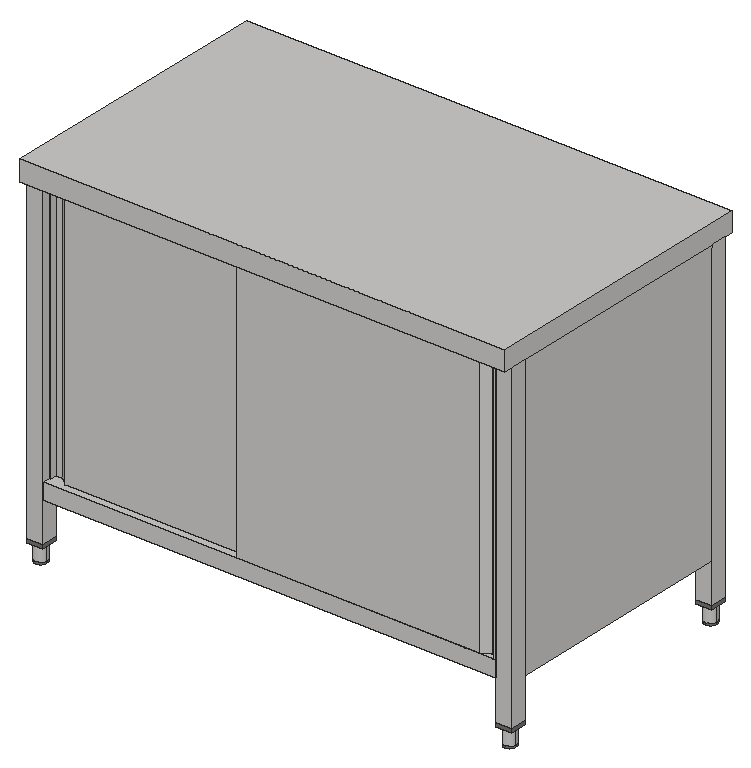
Revit family "QF_ELECTROLUXPROFESSIONAL_134028_GTN1200E", category Attrezzature speciali, Revit 2020
Family settings
  Quota connettore circolare = Usa diametro
  Tipo di parte = Normale
  Basato su piano di lavoro = No
  Sempre verticale = Sì
  Taglio con vuoti quando caricato = No
  Condiviso = No
  Punto di calcolo locali = No
Parameters (values of type "Standard")
  Weight = 65.00 kg
  Watts = 0 W
  Volts = 0 V
  URL Manufacturer = "https://www.electroluxprofessional.com/"
  URL = "https://www.electroluxprofessional.com/"
  Steam Supply Size = 0 mm
  Steam Supply Minimum Pressure = 0.0 Pa
  Steam Supply Maximum Pressure = 0.0 Pa
  Steam Consumption per Hour = 0
  Refrigeration Suction Line Size = 0.0 mm
  Refrigeration Liquid Line Size = 0.0 mm
  Refrigerant Compressor Remote = yes
  Prospetto di default = 0.0 mm
  Produttore = "Electrolux Professional"
  Phase = 0
  Modello = "GTN1200E"
  Length Actual = 1200.0 mm  # constant formula
  Item Number = "134028"
  Hot Water Size = 0 mm
  Height Actual = 900.0 mm  # constant formula
  HP = "0 HP"
  Gas Size = 0 mm
  Gas KW = 0
  Gas Input Pressure = 0 W
  Direct Waste Size = 0 mm
  Descrizione = "WORKTOP CUPBOARD 1200 MM"
  Depth Actual = 700.0 mm  # constant formula
  Cycle = 0 Hz
  Condensate Return Size = 0 mm
  Compressed Air Volume = 0.0 L/s
  Compressed Air Size = 0 mm
  Compressed Air Pressure = 0.0 Pa
  Cold Water Size = 0 mm
  Accessory = yes
Reference planes
  plane 1 "Center (Front/Back)": y = 0
  plane 2: z = 0
  plane 3 "Center (Left/Right)": x = -100
  plane 4 "LEFT": x = -700
  plane 5 "RIGHT": x = 500
  plane 6 "BACK": y = 350
  plane 7 "FRONT": y = -350
  plane 8 "Base": z = 850
  plane 9 "TOP": z = 900
  plane 10: x = -680
  plane 11: x = 480
  plane 12: y = 310
  plane 13: y = -310
  plane 14 "BodyLeft": x = -700
  plane 15 "BodyFront": y = -330
  plane 16 "BodyRight": x = 500
  plane 17 "BodyBack": y = 330
  plane 18 "FEET": z = 150
  plane 19: x = -20
  plane 20: x = -180
Forms (mm)
  Extrusion 1, solid, material "QF_Finishes_Stainless Steel"
    sketch origin (-100, 0, 0) x (0, 1, 0) y (0, 0, 1)
      loop
        line (-350, 850) -> (350, 850) -> (350, 900) -> (-350, 900) -> (-350, 850)
    from 600 to -600
  Extrusion 2, solid, material "QF_Finishes_Stainless Steel"
    sketch origin (0, 0, 150) x (-1, 0, 0) y (0, -1, 0)
      loop
        line (700, -290) -> (700, 290) -> (660, 290) -> (660, -290) -> (700, -290)
      loop
        line (-460, -290) -> (-460, 290) -> (-500, 290) -> (-500, -290) -> (-460, -290)
    from 0 to 700
  Extrusion 3, solid, material "QF_Finishes_Stainless Steel"
    sketch origin (0, 0, 150) x (-1, 0, 0) y (0, -1, 0)
      loop
        line (660, -290) -> (660, 330) -> (-460, 330) -> (-460, -290) -> (660, -290)
    from 0 to 40
  Extrusion 4, solid, material "QF_Finishes_Stainless Steel"
    sketch origin (0, 0, 150) x (-1, 0, 0) y (0, -1, 0)
      loop
        line (660, -290) -> (-460, -290) -> (-460, -330) -> (660, -330) -> (660, -290)
    from 0 to 700
  Extrusion 5, solid, material "QF_Finishes_Stainless Steel"
    sketch origin (0, 0, 150) x (-1, 0, 0) y (0, -1, 0)
      loop
        line (-460, 330) -> (-460, 310) -> (180, 310) -> (180, 330) -> (-420, 330) -> (-440, 315) -> (-455, 315) -> (-455, 330) -> (-460, 330)
    from 40 to 700
  Extrusion 6, solid, material "QF_Finishes_Stainless Steel"
    sketch origin (0, 20, 150) x (1, 0, 0) y (0, 1, 0)
      loop
        line (-660, -330) -> (-655, -330) -> (-655, -315) -> (-640, -315) -> (-620, -330) -> (-20, -330) -> (-20, -310) -> (-660, -310) -> (-660, -330)
    from 40 to 700
  Extrusion 7, solid, material "QF_Finishes_Stainless Steel"
    sketch origin (0, 0, 150) x (-1, 0, 0) y (0, -1, 0)
      loop
        line (660, 290) -> (-460, 290) -> (-460, -290) -> (660, -290) -> (660, 290)
    from 350 to 390
Lines and regions (mm)
  symbolic lines
    curve 1: line (500, 350, 900) -> (-700, 350, 900)
    curve 2: line (-700, 350, 900) -> (-700, -350, 900)
    curve 3: line (-700, -350, 900) -> (500, -350, 900)
    curve 4: line (500, -350, 900) -> (500, 350, 900)
  symbolic lines, style "SpecialityEquipmentHiddenLines"
    curve 5: line (-700, 330, 150) -> (500, 330, 150)
    curve 6: line (-700, -330, 150) -> (-700, 330, 150)
    curve 7: line (500, -330, 150) -> (-700, -330, 150)
    curve 8: line (500, 330, 150) -> (500, -330, 150)
    curve 9: line (-660, -290, 150) -> (-20, -290, 150)
    curve 10: line (-20, -290, 150) -> (-20, -310, 150)
    curve 11: line (-660, -310, 150) -> (460, -310, 150)
    curve 12: line (460, -310, 150) -> (460, -330, 150)
    curve 13: line (-180, -310, 150) -> (-180, -330, 150)
    curve 14: line (-660, -290, 150) -> (-660, -310, 150)
Dimensions and locks
  plane 4 "LEFT" to plane 5 "RIGHT" = 1200.0 mm
  equal spacing: plane 4 "LEFT", plane 3 "Center (Left/Right)", plane 5 "RIGHT"
  locked: plane 8 "Base" to level at 850
  plane 9 "TOP" to level = 900.0 mm
  plane 6 "BACK" to plane 7 "FRONT" = 700.0 mm
  equal spacing: plane 6 "BACK", plane 1 "Center (Front/Back)", plane 7 "FRONT"
  locked: plane 4 "LEFT" to plane 14 "BodyLeft"
  locked: plane 16 "BodyRight" to plane 5 "RIGHT"
  locked: plane 15 "BodyFront" to plane 7 "FRONT" at 20
  locked: plane 6 "BACK" to plane 17 "BodyBack" at 20
  locked: plane 14 "BodyLeft" to plane 10 at 20
  locked: plane 11 to plane 16 "BodyRight" at 20
  locked: plane 13 to plane 15 "BodyFront" at 20
  locked: plane 17 "BodyBack" to plane 12 at 20
  plane 10 to plane 11 = 1160.0 mm
  plane 12 to plane 13 = 620.0 mm
  locked: plane 14 "BodyLeft" to Extrusion 2 sketch curve at 40
  Extrusion 2 sketch curve to Extrusion 2 sketch curve = 40.0 mm
  locked: plane 3 "Center (Left/Right)" to plane 19 at 80
  locked: plane 20 to plane 3 "Center (Left/Right)" at 80
  locked: plane 18 "FEET" to plane 2 at 150
  aligned and locked: level to plane 2
  aligned and locked: plane 10 to nested 1
  aligned and locked: nested 1 to plane 13
  aligned and locked: plane 11 to nested 2
  aligned and locked: nested 2 to plane 13
  aligned and locked: plane 11 to nested 4
  aligned and locked: nested 4 to plane 12
  aligned and locked: plane 10 to nested 3
  aligned and locked: nested 3 to plane 12
  aligned and locked: Extrusion 1 to plane 4 "LEFT"
  aligned and locked: plane 5 "RIGHT" to Extrusion 1
  aligned and locked: curve 2 to plane 4 "LEFT"
  aligned and locked: Extrusion 2 sketch curve to plane 14 "BodyLeft"
  aligned and locked: plane 16 "BodyRight" to Extrusion 2 sketch curve
  aligned and locked: plane 8 "Base" to Extrusion 2
  aligned and locked: plane 8 "Base" to Extrusion 5
  aligned and locked: Extrusion 5 to Extrusion 3
  aligned and locked: Extrusion 6 sketch curve to plane 19
  aligned and locked: Extrusion 5 sketch curve to plane 20
  aligned and locked: Extrusion 1 to plane 8 "Base"
  aligned and locked: plane 9 "TOP" to Extrusion 1
  aligned and locked: curve 5 to plane 17 "BodyBack"
  aligned and locked: plane 14 "BodyLeft" to curve 6
  aligned and locked: plane 15 "BodyFront" to curve 7
  aligned and locked: plane 16 "BodyRight" to curve 8
  aligned and locked: Extrusion 3 sketch curve to Extrusion 2  (x2)
  aligned and locked: Extrusion 2 to Extrusion 4 sketch curve  (x2)
  aligned and locked: curve 7 to Extrusion 3 sketch curve
  aligned and locked: Extrusion 3 sketch curve to Extrusion 4
  aligned and locked: Extrusion 4 to plane 18 "FEET"
Automatic sketch dimensions
  curve 3 to plane 7 "FRONT" = 0.0 mm
  curve 4 to plane 6 "BACK" = 0.0 mm
  Extrusion 1 sketch curve to plane 7 "FRONT" = 0.0 mm
  plane 9 "TOP" to Extrusion 1 sketch curve = 0.0 mm
  Extrusion 1 sketch curve to plane 6 "BACK" = 0.0 mm
  Extrusion 1 sketch curve to plane 8 "Base" = 0.0 mm
  Extrusion 5 sketch curve to plane 15 "BodyFront" = 0.0 mm  (x2)
  Extrusion 5 sketch curve to plane 11 = 20.0 mm
  Extrusion 5 sketch curve to Extrusion 5 sketch curve = 5.0 mm
  Extrusion 5 sketch curve to Extrusion 5 sketch curve = 15.0 mm
  Extrusion 5 sketch curve to Extrusion 5 sketch curve = 20.0 mm
  plane 15 "BodyFront" to Extrusion 5 sketch curve = 15.0 mm
  plane 15 "BodyFront" to Extrusion 5 sketch curve = 20.0 mm
  Extrusion 6 sketch curve to plane 15 "BodyFront" = 20.0 mm  (x2)
  Extrusion 6 sketch curve to plane 10 = 20.0 mm
  Extrusion 6 sketch curve to Extrusion 6 sketch curve = 5.0 mm
  Extrusion 6 sketch curve to Extrusion 6 sketch curve = 15.0 mm
  Extrusion 6 sketch curve to Extrusion 6 sketch curve = 20.0 mm  (x2)
  Extrusion 6 sketch curve to plane 15 "BodyFront" = 35.0 mm
  curve 10 to plane 19 = 0.0 mm
  curve 13 to plane 20 = 0.0 mm
  curve 11 to plane 11 = 20.0 mm
  plane 15 "BodyFront" to curve 9 = 40.0 mm
  curve 12 to curve 12 = 20.0 mm
  plane 10 to curve 14 = 20.0 mm
  Extrusion 4 sketch curve to plane 12 = 20.0 mm
  plane 13 to Extrusion 2 sketch curve = 20.0 mm  (x2)
  Extrusion 2 sketch curve to plane 12 = 20.0 mm  (x2)
  Extrusion 4 sketch curve to plane 17 "BodyBack" = 0.0 mm
  Extrusion 7 sketch curve to plane 11 = 20.0 mm
  plane 10 to Extrusion 7 sketch curve = 20.0 mm
  Extrusion 7 sketch curve to plane 12 = 20.0 mm
  plane 13 to Extrusion 7 sketch curve = 20.0 mm
  curve 4 to plane 5 "RIGHT" = 0.0 mm
Nested families
  nested 1: "FEET_40x40_APP50" at (-680, -310, 0), type "FEET_40x40_APP50"
  nested 2: "FEET_40x40_APP50" at (480, -310, 0), type "FEET_40x40_APP50"
  nested 3: "FEET_40x40_APP50" at (-680, 310, 0), type "FEET_40x40_APP50"
  nested 4: "FEET_40x40_APP50" at (480, 310, 0), type "FEET_40x40_APP50"
Definition of nested family "FEET_40x40_APP50"
  Parameters
    Default Elevation = 0.0 mm
    FEET = 850.0 mm
  Reference planes
    plane 1 "Center (Front/Back)": y = 0
    plane 2: z = 0
    plane 3 "Center (Left/Right)": x = 0
    plane 4: z = 850
  Forms (mm)
    Extrusion 1, solid
      sketch origin (0, 0, 0) x (1, 0, 0) y (0, 1, 0)
        loop
          line (-20, -20) -> (20, -20) -> (20, 20) -> (-20, 20) -> (-20, -20)
      from 50 to 850
    Extrusion 2, solid
      sketch origin (0, 0, 0) x (1, 0, 0) y (0, 1, 0)
        loop
          circle (0, 0) r 15
      from 0 to 5
    Extrusion 3, solid
      sketch origin (0, 0, 0) x (1, 0, 0) y (0, 1, 0)
        loop
          line (-20, -20) -> (20, -20) -> (20, 20) -> (-20, 20) -> (-20, -20)
      from 50 to 42
    Extrusion 4, solid
      sketch origin (0, 0, 0) x (1, 0, 0) y (0, 1, 0)
        loop
          circle (0, 0) r 15
      from 5 to 42
  Lines and regions (mm)
    symbolic lines
      curve 1: line (0, -1.503, 0) -> (0, 1.508, 0)
      curve 2: line (1.561, 0, 0) -> (-1.439, 0, 0)
  Dimensions and locks
    "FEET": plane 4 to plane 2
    aligned and locked: level to plane 2
  Automatic sketch dimensions
    plane 1 "Center (Front/Back)" to curve 2 = 0.0 mm
    curve 1 to plane 3 "Center (Left/Right)" = 0.0 mm
    curve 2 to plane 3 "Center (Left/Right)" = 1.439 mm
    plane 3 "Center (Left/Right)" to curve 2 = 1.561 mm
    plane 1 "Center (Front/Back)" to curve 1 = 1.503 mm
    curve 1 to plane 1 "Center (Front/Back)" = 1.508 mm
    Extrusion 1 sketch curve to plane 3 "Center (Left/Right)" = 20.0 mm
    plane 3 "Center (Left/Right)" to Extrusion 1 sketch curve = 20.0 mm
    plane 1 "Center (Front/Back)" to Extrusion 1 sketch curve = 20.0 mm
    Extrusion 1 sketch curve to plane 1 "Center (Front/Back)" = 20.0 mm
    plane 1 "Center (Front/Back)" to Extrusion 2 sketch curve = 0.0 mm
    Extrusion 2 sketch curve to plane 3 "Center (Left/Right)" = 0.0 mm
    Extrusion 3 sketch curve to plane 3 "Center (Left/Right)" = 20.0 mm
    plane 3 "Center (Left/Right)" to Extrusion 3 sketch curve = 20.0 mm
    plane 1 "Center (Front/Back)" to Extrusion 3 sketch curve = 20.0 mm
    Extrusion 3 sketch curve to plane 1 "Center (Front/Back)" = 20.0 mm
    plane 1 "Center (Front/Back)" to Extrusion 4 sketch curve = 0.0 mm
    Extrusion 4 sketch curve to plane 3 "Center (Left/Right)" = 0.0 mm
    radius of Extrusion 2 sketch curve = 15.0 mm
    radius of Extrusion 4 sketch curve = 15.0 mm
